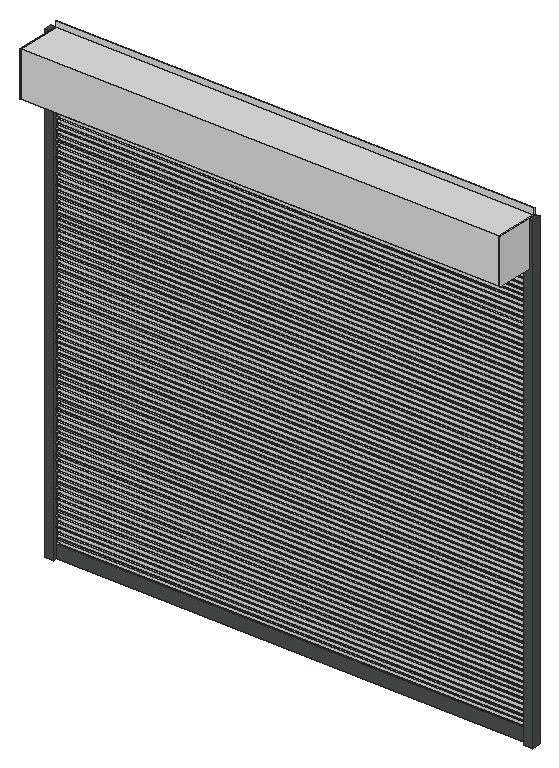
Revit family "Counter-Doors_OHD_Model-652_compact", category Specialty Equipment, host Wall, Revit 2023 (continued)
Definition of nested family "Motor"
  Forms (in)
    Extrusion 1, solid, material <- "Main Material", visible <- "Wall Mount"
      sketch origin (0, 0, 18.8898) x (1, 0, 0) y (0, 1, 0)
        loop
          line (-4.134, -2.41307) -> (4.116, -2.41307) -> (4.116, -2.29347) -> (3.108, -2.29347)
          arc (3.108, -2.29347) -> (3.02315, -2.25832) -> (2.988, -2.17347) r 0.12
          line (2.988, -2.17347) -> (2.988, 4.96193) -> (-2.988, 4.96193) -> (-2.988, -2.17347)
          arc (-2.988, -2.17347) -> (-3.02315, -2.25832) -> (-3.108, -2.29347) r 0.12
          line (-3.108, -2.29347) -> (-4.134, -2.29347) -> (-4.134, -2.41307)
      from -16.64 to 0
    Extrusion 2, solid, material <- "Main Material", visible <- "Wall Mount"
      sketch origin (0, 0, 18.8898) x (1, 0, 0) y (0, 1, 0)
        loop
          line (-4.134, -2.41307) -> (-4.134, -5.05565) -> (-4.3324, -5.05565) -> (-4.3324, -5.3122)
          arc (-4.3324, -5.3122) -> (-4.24466, -5.55085) -> (-4.02324, -5.67585) r 0.36846
          arc (-4.02324, -5.67585) -> (0, -6.0017) -> (4.02324, -5.67585) r 25
          arc (4.02324, -5.67585) -> (4.24466, -5.55085) -> (4.3324, -5.3122) r 0.36846
          line (4.3324, -5.3122) -> (4.3324, -5.05565) -> (4.116, -5.05565) -> (4.116, -2.41307) -> (-4.134, -2.41307)
      from -17 to 0.35839
    Revolve 3, solid, material <- "Main Material", visible <- "Wall Mount RSX"
      sketch origin (2.0828, 5.66524, 0) x (0, -1, 0) y (1, 0, 0)
        loop
          line (5.66524, -9.0813) -> (5.66524, 3.1162) -> (4.82413, 3.1162) -> (4.82413, 2.7162) -> (4.39283, 2.7162) -> (4.39283, 2.4872) -> (2.50257, 2.4872) -> (2.50257, -6.6585) -> (3.79863, -6.6585) -> (3.79863, -7.51105) -> (3.89778, -7.6102) -> (5.36033, -7.6102) -> (5.36033, -7.8313) -> (4.69783, -7.8313) -> (4.69783, -9.0813) -> (5.66524, -9.0813)
        axis (5.66524, -9.0813) -> (5.66524, 3.1162)
      angle from 0 to 360
    Extrusion 4, solid, material <- "Main Material", visible <- "Wall Mount"
      sketch origin (0, 0, 18.8898) x (1, 0, 0) y (0, 1, 0)
        loop
          line (-2.988, 5.08193) -> (-4.988, 5.08193) -> (-4.988, 4.96193) -> (-3.108, 4.96193) -> (-3.108, 1.46193) -> (-2.988, 1.46193) -> (-2.988, 5.08193)
        loop
          line (2.988, 5.08193) -> (2.988, 1.46193) -> (3.108, 1.46193) -> (3.108, 4.96193) -> (4.988, 4.96193) -> (4.988, 5.08193) -> (2.988, 5.08193)
      from -16.64 to 1.14
    Extrusion 5, solid, material <- "Main Material", visible <- "Wall Mount"
      sketch origin (0, 0.00141, 3.59957) x (0, 0, 1) y (0, -1, 0)
        loop
          circle (2.15043, 0.00141) r 3
      from 7.52 to 7.2495
    Sweep 6, solid, material <- "Main Material", visible <- "Wall Mount"
      path origin (7.38475, 9.53, 48) x (0, 1, 0) y (0, 0, 1)
        loop
          line (-12.53, -42.25) -> (-12.53, -128)
          arc (-12.53, -128) -> (-9.53, -131) -> (-6.53, -128) r 3
          line (-6.53, -128) -> (-6.53, -42.25)
      profile origin (7.38475, -3, -37.125) x (1, 0, 0) y (0, 1, 0)
        loop
          circle (0, 0.1) r 0.1
    Extrusion 7, solid, material <- "Main Material", visible <- "Wall Mount"
      sketch origin (0, 0.00141, 3.59957) x (0, 0, 1) y (0, -1, 0)
        loop
          circle (2.15043, 0.00141) r 0.4
      from 8.82 to 0
    Extrusion 8, solid, material <- "Hood Material", visible <- "CDX"
      sketch origin (2.988, 0, 5.75) x (0, -1, 0) y (1, 0, 0)
        loop
          line (12, -10.57168) -> (12, 2.55332) -> (-4.7, 2.55332) -> (-4.7, 0.0015) -> (2, 0.0015) -> (2, -10.57168) -> (12, -10.57168)
      from 4.88 to -4.88
    Extrusion 9, solid, material <- "Main Material", visible <- "Crank"
      sketch origin (2.9895, 5.75, 5.75) x (0, 0, -1) y (0, -1, 0)
        loop
          line (-1.66535, -2.15748) -> (1.66535, -2.15748)
          arc (1.66535, -2.15748) -> (2.01891, -2.01103) -> (2.16535, -1.65748) r 0.5
          line (2.16535, -1.65748) -> (2.16535, 0.00787)
          arc (2.16535, 0.00787) -> (1.99476, 0.85032) -> (1.50984, 1.56001) r 2.16535
          line (1.50984, 1.56001) -> (1.50984, 2.29685)
          arc (1.50984, 2.29685) -> (1.43662, 2.47363) -> (1.25984, 2.54685) r 0.25
          line (1.25984, 2.54685) -> (0.24999, 3.12987)
          arc (0.24999, 3.12987) -> (0, 3.19685) -> (-0.24999, 3.12987) r 0.5
          line (-0.24999, 3.12987) -> (-1.25984, 2.54685)
          arc (-1.25984, 2.54685) -> (-1.43662, 2.47363) -> (-1.50984, 2.29685) r 0.25
          line (-1.50984, 2.29685) -> (-1.50984, 1.56001)
          arc (-1.50984, 1.56001) -> (-1.99476, 0.85032) -> (-2.16535, 0.00787) r 2.16535
          line (-2.16535, 0.00787) -> (-2.16535, -1.65748)
          arc (-2.16535, -1.65748) -> (-2.01891, -2.01103) -> (-1.66535, -2.15748) r 0.5
      from 0 to -0.5
    Extrusion 10, solid, material <- "Main Material", visible <- "Crank"
      sketch origin (2.9895, 5.75, 5.75) x (0, 0, -1) y (0, -1, 0)
        loop
          line (1.50984, 1.56001) -> (1.50984, 2.29685)
          arc (1.50984, 2.29685) -> (1.43662, 2.47363) -> (1.25984, 2.54685) r 0.25
          line (1.25984, 2.54685) -> (-1.25984, 2.54685)
          arc (-1.25984, 2.54685) -> (-1.43662, 2.47363) -> (-1.50984, 2.29685) r 0.25
          line (-1.50984, 2.29685) -> (-1.50984, 1.56001)
          arc (-1.50984, 1.56001) -> (0, -2.15748) -> (1.50984, 1.56001) r 2.16535
      from 0 to -2
    Extrusion 11, solid, material <- "Main Material", visible <- "Crank"
      sketch origin (2.9895, 4.76161, 5.75) x (0, 1, 0) y (-1, 0, 0)
        loop
          circle (-0.94004, -1.01792) r 0.24
      from 1.5 to -10.5
    Extrusion 12, solid, material <- "Main Material", visible <- "Crank"
      sketch origin (2.9895, 5.75, 5.75) x (0, 1, 0) y (0, 0, -1)
        loop
          line (-2.04434, 10.46875) -> (-1.81142, 10.46875)
          arc (-1.81142, 10.46875) -> (-1.63464, 10.54197) -> (-1.56142, 10.71875) r 0.25
          line (-1.56142, 10.71875) -> (-1.56142, 11.53125)
          arc (-1.56142, 11.53125) -> (-1.63464, 11.70803) -> (-1.81142, 11.78125) r 0.25
          line (-1.81142, 11.78125) -> (-2.04434, 11.78125)
          arc (-2.04434, 11.78125) -> (-2.22112, 11.70803) -> (-2.29434, 11.53125) r 0.25
          line (-2.29434, 11.53125) -> (-2.29434, 10.71875)
          arc (-2.29434, 10.71875) -> (-2.22112, 10.54197) -> (-2.04434, 10.46875) r 0.25
      from -1.26284 to -0.77978
    Extrusion 13, solid, not visible
      sketch origin (2.9895, -24.70572, 48) x (0, -1, 0) y (0, 0, 1)
        loop
          circle (-30.45572, -42.25) r 0.5
      from 0.5 to 0 <- "Connector MP"
  Cuts and joins
    joined: Extrusion 9, Extrusion 10, Extrusion 11
  Lines and regions (in)
    Masking region 1, visible <- "CDX"
      outline origin (0, 0, 0) x (1, 0, 0) y (0, 1, 0)
        loop
          line (-7.58368, -2) -> (-7.58368, -12) -> (5.54132, -12) -> (5.54132, 4.7) -> (2.9895, 4.7) -> (2.9895, -2) -> (-7.58368, -2)
    Masking region 2, visible <- "Crank"
      outline origin (2.9895, 5.75, 5.75) x (0, 1, 0) y (-1, 0, 0)
        loop
          line (2.15748, 0) -> (-3.1963, 0) -> (-3.1963, -0.5) -> (-2.54685, -0.5) -> (-2.54685, -2) -> (2.15748, -2) -> (2.15748, 0)
    reference lines
      curve 1: line (0, 0, 0) -> (0, 0, 18.8898)
      curve 2: line (2.9895, 5.75, 5.75) -> (2.9895, 6.5, 5.75)
    symbolic lines, visible <- "Crank"
      curve 3: line (2.9895, 4.18999, 5.75) -> (4.9895, 4.18999, 5.75)
      curve 4: line (2.9895, 3.20315, 5.75) -> (3.4895, 3.20315, 5.75)
  Dimensions and locks (in)
    Extrusion 4 sketch curve to Extrusion 4 sketch curve = 3.62"
    locked: Extrusion 4 sketch curve to Extrusion 4 sketch curve at 0.12  (x3)
    "Chain H Offset": plane 4 to plane 5
    locked: plane 7 to plane 6 at 30
    locked: Sweep 6 sketch curve to profile plane at 0
    locked: profile plane to Sweep 6 sketch curve at 0.1
    locked: Sweep 6 sketch curve to Sweep 6 sketch curve at 6
    "Floor To Cl Shaft": plane 8 to plane 6
    "Horizontal Mount": plane 1 "Center (Front/Back)" to plane 11
    "Top Option Offset": level to plane 12
    "Chain V Offset": plane 9 "Chain Hoist" to plane 12
    equal spacing: Sweep 6 sketch curve, plane 5, Sweep 6 sketch curve
    "Vertical Mount": plane 10 "Top Of Hood" to plane 12
    locked: Extrusion 2 sketch curve to Extrusion 2 sketch curve at 8.25
    locked: Extrusion 2 sketch curve to Extrusion 2 sketch curve at 2.64258
    locked: plane 3 "Center (Left/Right)" to plane 14 at 7.2495
    "Hood Mount": plane 13 "Hood Face" to plane 14
    "Hood Width Real": plane 11 to plane 15
    "Real Exterior Wall Offset": plane 15 to plane 16 "Wall"
    Revolve 3 sketch curve to Revolve 3 sketch curve to Revolve 3 sketch curve to Revolve 3 sketch curve to Revolve 3 sketch curve to Revolve 3 sketch curve to Revolve 3 sketch curve = 1 1/4" locked, 0.2211" locked, 0.9517" locked, 9.1457" locked, 0.229" locked, 0.4" locked
    Revolve 3 sketch curve to Revolve 3 sketch curve to Revolve 3 sketch curve to Revolve 3 sketch curve to Revolve 3 sketch curve to Revolve 3 sketch curve to Revolve 3 sketch curve to Revolve 3 sketch curve = 0.30491" locked, 0.53619" locked, 0.12631" locked, 0.305" locked, 0.49505" locked, 0.09915" locked, 1.29606" locked
    locked: Extrusion 1 sketch curve to Extrusion 1 sketch curve at 0.1196
    locked: Extrusion 1 sketch curve to Extrusion 1 sketch curve at 5.976
    equal spacing: Extrusion 1 sketch curve, curve 1, Extrusion 1 sketch curve
    locked: curve 1 to Extrusion 1 sketch curve at 2.41307
    locked: Extrusion 1 sketch curve to Extrusion 1 sketch curve at 7.375
    equal spacing: Extrusion 4 sketch curve, curve 1, Extrusion 4 sketch curve
    locked: Extrusion 4 sketch curve to curve 1 at 1.46193
    locked: Revolve 3 sketch curve to plane 3 "Center (Left/Right)" at 4.5757
    locked: Extrusion 4 sketch curve to Extrusion 4 sketch curve at 5.976
    locked: Extrusion 4 sketch curve to Extrusion 4 sketch curve at 2
    locked: Extrusion 4 sketch curve to Extrusion 4 sketch curve at 1.88
    locked: Extrusion 1 sketch curve to Extrusion 1 sketch curve at 1.128
    locked: Extrusion 1 sketch curve to Extrusion 1 sketch curve at 1.146
    locked: curve 1 to Extrusion 2 sketch curve at 2.41307
    locked: Extrusion 8 sketch curve to Extrusion 8 sketch curve at 13.125
    locked: Extrusion 8 sketch curve to Extrusion 8 sketch curve at 2.55182
    locked: Extrusion 8 sketch curve to Extrusion 8 sketch curve at 16.7
    locked: Extrusion 8 sketch curve to curve 1 at 2
    locked: Extrusion 8 sketch curve to Extrusion 8 sketch curve at 10
    equal spacing: plane 1 "Center (Front/Back)", plane 17, plane 15
    "Hood Height": plane 10 "Top Of Hood" to plane 18
    equal spacing: plane 10 "Top Of Hood", plane 19, plane 18
    locked: curve 2 to curve 2 at 0.75
    "Connector VP": plane 10 "Top Of Hood" to Extrusion 13 sketch curve
    "Connector HP": Extrusion 13 sketch curve to plane 16 "Wall"
    radius of Extrusion 5 sketch curve = 3"
    radius of Sweep 6 sketch curve = 3"
    radius of Sweep 6 sketch curve = 0.1"
    radius of Extrusion 7 sketch curve = 0.4"
    radius of Extrusion 2 sketch curve = 0.36846"  (x2)
    radius of Extrusion 1 sketch curve = 0.12"  (x2)
    radius of Extrusion 2 sketch curve = 25"
    "Angle": angle curve 1 to plane 1 "Center (Front/Back)"
    angle Extrusion 2 sketch curve to Extrusion 2 sketch curve = 90.00°
    locked: Extrusion 2 sketch curve to Extrusion 2 sketch curve (angle 90.00°)
    aligned and locked: plane 2 to level
    aligned and locked: Revolve 3 sketch curve to Revolve 3 sketch curve
    aligned and locked: plane 1 "Center (Front/Back)" to curve 1
    aligned and locked: level to curve 1
    aligned and locked: plane 1 "Center (Front/Back)" to plane 4
    aligned and locked: Extrusion 4 sketch curve to Extrusion 4 sketch curve  (x3)
    aligned and locked: plane 7 to Sweep 6 sketch curve  (x2)
    aligned and locked: plane 8 to Sweep 6 sketch curve  (x2)
    aligned and locked: plane 5 to Extrusion 5 sketch curve
    aligned and locked: plane 9 "Chain Hoist" to Extrusion 5 sketch curve
    aligned and locked: plane 5 to Extrusion 7 sketch curve
    aligned and locked: plane 9 "Chain Hoist" to Extrusion 7 sketch curve
    aligned and locked: plane 8 to plane 9 "Chain Hoist"
    aligned and locked: Extrusion 2 sketch curve to Extrusion 2 sketch curve
    aligned and locked: Extrusion 1 sketch curve to Extrusion 1 sketch curve
    aligned and locked: plane 4 to nested 1
    aligned and locked: plane 3 "Center (Left/Right)" to nested 1
    aligned and locked: Masking region 1 sketch curve to Extrusion 8  (x6)
    aligned and locked: Extrusion 8 sketch curve to plane 13 "Hood Face"
    aligned and locked: plane 17 to curve 2
    aligned and locked: curve 2 to plane 19
  Automatic sketch dimensions
    plane 1 "Center (Front/Back)" to Revolve 3 sketch curve = 0"
    Revolve 3 sketch curve to Revolve 3 sketch curve = 0.09915"
    Revolve 3 sketch curve to Revolve 3 sketch curve = 4.7892"
    Revolve 3 sketch curve to plane 14 = 1.9628"
    Extrusion 2 sketch curve to plane 3 "Center (Left/Right)" = 0"
    Extrusion 2 sketch curve to Extrusion 2 sketch curve = 0.1984"
    Extrusion 2 sketch curve to Extrusion 2 sketch curve = 0.15206"
    Extrusion 2 sketch curve to Extrusion 2 sketch curve = 0.25654"
    Extrusion 2 sketch curve to Extrusion 2 sketch curve = 0"  (x2)
    Extrusion 2 sketch curve to Extrusion 2 sketch curve = 0.0593"
    Extrusion 9 sketch curve to Extrusion 9 sketch curve = 0"  (x2)
    curve 2 to Extrusion 9 sketch curve = 0"  (x2)
    curve 2 to Extrusion 9 sketch curve = 1/4"
    Extrusion 9 sketch curve to Extrusion 9 sketch curve = 1.00985"  (x2)
    Extrusion 9 sketch curve to Extrusion 9 sketch curve = 1/4"  (x2)
    Extrusion 9 sketch curve to curve 2 = 1.66535"
    Extrusion 9 sketch curve to Extrusion 9 sketch curve = 1/2"
    Extrusion 9 sketch curve to curve 2 = 1/4"
    curve 2 to Extrusion 9 sketch curve = 1.66535"
    curve 2 to Extrusion 9 sketch curve = 2.16535"
    Extrusion 9 sketch curve to curve 2 = 1.40748"
    curve 2 to Extrusion 9 sketch curve = 0.00787"
    Extrusion 9 sketch curve to Extrusion 9 sketch curve = 0.73684"  (x2)
    Extrusion 9 sketch curve to Extrusion 9 sketch curve = 0.15"
    Extrusion 9 sketch curve to Extrusion 9 sketch curve = 0.43302"
    curve 2 to Extrusion 10 sketch curve = 0"
    curve 2 to Extrusion 10 sketch curve = 1.25984"
    Extrusion 10 sketch curve to Extrusion 10 sketch curve = 1/4"  (x2)
    Extrusion 10 sketch curve to curve 2 = 1.25984"
    curve 2 to Extrusion 10 sketch curve = 0.00787"
    curve 2 to Extrusion 10 sketch curve = 1.56001"
    Extrusion 10 sketch curve to Extrusion 10 sketch curve = 0.73684"
    Extrusion 10 sketch curve to Extrusion 10 sketch curve = 0"
    Extrusion 11 sketch curve to curve 2 = 1.92843"
    Extrusion 11 sketch curve to curve 2 = 1.01792"
    Extrusion 12 sketch curve to curve 2 = 2.29434"
    Extrusion 12 sketch curve to Extrusion 12 sketch curve = 1/4"  (x3)
    Extrusion 12 sketch curve to Extrusion 12 sketch curve = 0.23293"  (x2)
    curve 2 to Extrusion 12 sketch curve = 10 15/32"
    Extrusion 12 sketch curve to Extrusion 12 sketch curve = 13/16"
    Masking region 2 sketch curve to curve 2 = 0"
    Masking region 2 sketch curve to curve 2 = 2.54685"
    curve 2 to Masking region 2 sketch curve = 1.40748"
    curve 2 to Masking region 2 sketch curve = 1/2"
    Masking region 2 sketch curve to Masking region 2 sketch curve = 0.64945"
    Masking region 2 sketch curve to Masking region 2 sketch curve = 1 1/2"
    curve 4 to curve 2 = 0"
    curve 3 to curve 2 = 0"
    curve 4 to curve 2 = 2.54685"
    curve 3 to curve 2 = 1.56001"
    curve 2 to curve 4 = 1/2"
    curve 3 to curve 2 = 2"
    radius of Extrusion 11 sketch curve = 0.24"
    radius of Extrusion 13 sketch curve = 1/2"
  Nested families (in)
    nested 1: "2D_NotScalableMain_29e791da-3db9-4234-ab15-44456784202b" at (0, 0, 0), type "Default"
      with Wall Mount RMX no, Wall Mount no
  Definition of nested family "2D_NotScalableMain_29e791da-3db9-4234-ab15-44456784202b"
    Parameters (values of type "Default")
      Wall Mount RMX = yes
      Wall Mount RSX = no
      Wall Mount = yes
    Reference planes (in)
      plane 1 "Center (Front/Back)": y = 0
      plane 2: z = 0
      plane 3 "Center (Left/Right)": x = 0
    Lines and regions (in)
      Masking region 1, in view "Ref. Level", visible <- "Wall Mount RSX"
        outline origin (0, 0, 0) x (1, 0, 0) y (0, 1, 0)
          loop
            line (-6.9985, -0.96741) -> (-5.7485, -0.96741) -> (-5.7485, -0.30491) -> (-5.5274, -0.30491) -> (-5.5274, -1.76746) -> (-5.42825, -1.86661) -> (-4.5757, -1.86661) -> (-4.5757, -3.22517) -> (-4.134, -3.22517) -> (-4.134, -5.05565) -> (-4.3324, -5.05565) -> (-4.3324, -5.3122)
            arc (-4.3324, -5.3122) -> (-4.24466, -5.55085) -> (-4.02324, -5.67585) r 0.36846
            arc (-4.02324, -5.67585) -> (0, -6.0017) -> (4.02324, -5.67585) r 25
            arc (4.02324, -5.67585) -> (4.24466, -5.55085) -> (4.3324, -5.3122) r 0.36846
            line (4.3324, -5.3122) -> (4.3324, -5.05565) -> (4.116, -5.05565) -> (4.116, -3.22517) -> (4.57, -3.22517) -> (4.57, -1.27241) -> (4.799, -1.27241) -> (4.799, -0.84111) -> (5.199, -0.84111) -> (5.199, 0.77483) -> (7.2495, 0.77483) -> (7.2495, -1.81) -> (7.52, -1.81) -> (7.52, 0.79) -> (8.82, 0.79) -> (8.82, 1.59) -> (7.52, 1.59) -> (7.52, 4.19) -> (7.2495, 4.19) -> (7.2495, 1.59) -> (4.57, 1.59) -> (4.57, 3.22517) -> (3.108, 3.22517) -> (3.108, 4.96193) -> (4.988, 4.96193) -> (4.988, 5.08193) -> (2.988, 5.08193) -> (2.988, 4.96193) -> (-2.988, 4.96193) -> (-2.988, 5.08193) -> (-4.988, 5.08193) -> (-4.988, 4.96193) -> (-3.108, 4.96193) -> (-3.108, 3.22517) -> (-4.5757, 3.22517) -> (-4.5757, 1.86661) -> (-5.42825, 1.86661) -> (-5.5274, 1.76746) -> (-5.5274, 0.30491) -> (-5.7485, 0.30491) -> (-5.7485, 0.96741) -> (-6.9985, 0.96741) -> (-6.9985, -0.96741)
      Masking region 2, in view "Ref. Level", visible <- "Wall Mount"
        outline origin (0, 0, 0) x (1, 0, 0) y (0, 1, 0)
          loop
            line (-4.988, 4.96193) -> (-3.108, 4.96193) -> (-3.108, 1.46193) -> (-2.988, 1.46193) -> (-2.988, 5.08193) -> (-4.988, 5.08193) -> (-4.988, 4.96193)
          loop
            line (2.988, 1.46193) -> (3.108, 1.46193) -> (3.108, 4.96193) -> (4.988, 4.96193) -> (4.988, 5.08193) -> (2.988, 5.08193) -> (2.988, 1.46193)
      Masking region 3, in view "Ref. Level", visible <- "Wall Mount RMX"
        outline origin (0, 0, 0) x (1, 0, 0) y (0, 1, 0)
          loop
            line (-2.988, 4.96193) -> (-2.988, -2.17347)
            arc (-2.988, -2.17347) -> (-3.02315, -2.25832) -> (-3.108, -2.29347) r 0.12
            line (-3.108, -2.29347) -> (-4.134, -2.29347) -> (-4.134, -5.05565) -> (-4.3324, -5.05565) -> (-4.3324, -5.3122)
            arc (-4.3324, -5.3122) -> (-4.24466, -5.55085) -> (-4.02324, -5.67585) r 0.36846
            arc (-4.02324, -5.67585) -> (0, -6.0017) -> (4.02324, -5.67585) r 25
            arc (4.02324, -5.67585) -> (4.24466, -5.55085) -> (4.3324, -5.3122) r 0.36846
            line (4.3324, -5.3122) -> (4.3324, -5.05565) -> (4.116, -5.05565) -> (4.116, -2.29347) -> (3.108, -2.29347)
            arc (3.108, -2.29347) -> (3.02315, -2.25832) -> (2.988, -2.17347) r 0.12
            line (2.988, -2.17347) -> (2.988, 0.77483) -> (7.2495, 0.77483) -> (7.2495, -1.81) -> (7.52, -1.81) -> (7.52, 0.79) -> (8.82, 0.79) -> (8.82, 1.59) -> (7.52, 1.59) -> (7.52, 4.19) -> (7.2495, 4.19) -> (7.2495, 1.59) -> (3.108, 1.59) -> (3.108, 1.46193) -> (2.988, 1.46193) -> (2.988, 4.96193) -> (-2.988, 4.96193)
      reference lines, in view "Ref. Level"
        curve 1: line (0, 0, 0) -> (0, 0.125, 0)
        curve 2: line (0, 0, 0) -> (0.125, 0, 0)
      detail lines, in view "Ref. Level", visible <- "Wall Mount"
        curve 3: line (7.2495, 4.19, 0) -> (7.2495, -1.81, 0)
        curve 4: line (7.52, 4.19, 0) -> (7.52, -1.81, 0)
        curve 5: line (-4.134, -2.29347, 0) -> (-4.134, -5.05565, 0)
        curve 6: line (4.116, -2.29347, 0) -> (4.116, -5.05565, 0)
        curve 7: line (-4.134, -2.41307, 0) -> (4.116, -2.41307, 0)
        curve 8: line (4.116, -2.29347, 0) -> (3.108, -2.29347, 0)
        curve 9: line (2.988, -2.17347, 0) -> (2.988, 4.96193, 0)
        curve 10: line (2.988, 4.96193, 0) -> (-2.988, 4.96193, 0)
        curve 11: line (-2.988, 4.96193, 0) -> (-2.988, -2.17347, 0)
        curve 12: arc (-2.988, -2.17347, 0) -> (-3.02315, -2.25832, 0) -> (-3.108, -2.29347, 0) r 0.12
        curve 13: arc (3.108, -2.29347, 0) -> (3.02315, -2.25832, 0) -> (2.988, -2.17347, 0) r 0.12
        curve 21: line (-4.134, -2.29347, 0) -> (-3.108, -2.29347, 0)
      detail lines, in view "Ref. Level", not visible
        curve 14: line (4.57, -3.22517, 0) -> (4.57, 0.77483, 0)
        curve 15: line (4.799, -1.27241, 0) -> (4.799, 0.77483, 0)
      detail lines, in view "Ref. Level", visible <- "Wall Mount RSX"
        curve 16: line (5.199, -0.84111, 0) -> (5.199, 0.77483, 0)
        curve 17: line (-4.5757, -3.22517, 0) -> (-4.5757, 3.22517, 0)
        curve 18: line (-5.42825, -1.86661, 0) -> (-5.42825, 1.86661, 0)
        curve 19: line (-5.5274, 1.76746, 0) -> (-5.5274, -1.76746, 0)
        curve 20: line (-5.7485, -0.96741, 0) -> (-5.7485, 0.96741, 0)
        curve 22: line (5.199, 0.77483, 0) -> (2.988, 0.77483, 0)
        curve 23: line (4.57, 1.59, 0) -> (3.108, 1.59, 0)
        curve 24: line (-4.5757, -3.22517, 0) -> (-4.5757, 3.22517, 0)
        curve 25: line (-5.42825, 1.86661, 0) -> (-5.42825, -1.86661, 0)
        curve 26: line (-5.5274, 1.76746, 0) -> (-5.5274, -1.76746, 0)
        curve 27: line (-5.7485, -0.96741, 0) -> (-5.7485, 0.96741, 0)
        curve 28: line (4.57, 3.22517, 0) -> (4.57, 1.59, 0)
        curve 29: line (4.799, 0.77483, 0) -> (4.799, -1.22759, 0)
    Dimensions and locks (in)
      curve 1 to curve 1 = 1/8"
      curve 2 to curve 2 = 1/8"
      aligned and locked: plane 1 "Center (Front/Back)" to curve 1
      aligned and locked: plane 3 "Center (Left/Right)" to curve 1
      aligned and locked: plane 1 "Center (Front/Back)" to curve 2
Definition of nested family "Label Annotation 1"
  Parameters (values of type "Label Annotation 1-8")
    Label = "Area is too big. Please reduce Door Size."
  Reference planes (in)
    plane 1: y = 0
    plane 2: x = 0
  Text (in)
    label "Label" at (0.00375, -0.00345, 0), shows "Label"
Definition of nested family "Warning Sign"
  Parameters (values of type "Warning Sign")
    Warning Sign [instance] = no
    Default Elevation = 48"
  Reference planes (in)
    plane 1 "Center (Front/Back)": y = 0
    plane 2: z = 0
    plane 3 "Center (Left/Right)": x = 0
    plane 4: y = 0.5
    plane 5: y = -0.5
    plane 6: y = 1
    plane 7: y = 0.25
  Lines and regions (in)
    model lines
      curve 1: line (-2.26129, 1, 45.69444) -> (-26.3817, 1, 3.91667)
      curve 2: line (-25.25106, 1, 3.26389) -> (-1.13064, 1, 45.04167)
      curve 3: arc (2.26129, 1, 45.69444) -> (0, 1, 47) -> (-2.26129, 1, 45.69444) r 2.61111
      curve 4: arc (-1.13064, 1, 45.04167) -> (0, 1, 45.69444) -> (1.13064, 1, 45.04167) r 1.30556
      curve 5: line (1.13064, 1, 45.04167) -> (25.25106, 1, 3.26389)
      curve 6: line (26.3817, 1, 3.91667) -> (2.26129, 1, 45.69444)
      curve 7: arc (25.25106, 1, 3.26389) -> (25.25106, 1, 1.95833) -> (24.12041, 1, 1.30556) r 1.30556
      curve 8: arc (24.12041, 1, 0) -> (26.3817, 1, 1.30556) -> (26.3817, 1, 3.91667) r 2.61111
      curve 9: line (24.12041, 1, 1.30556) -> (-24.12041, 1, 1.30556)
      curve 10: line (-24.12041, 1, 0) -> (24.12041, 1, 0)
      curve 11: arc (-24.12041, 1, 1.30556) -> (-25.25106, 1, 1.95833) -> (-25.25106, 1, 3.26389) r 1.30556
      curve 12: arc (-26.3817, 1, 3.91667) -> (-26.3817, 1, 1.30556) -> (-24.12041, 1, 0) r 2.61111
      curve 13: arc (-2.29479, 1, 8.63537) -> (0, 1, 6.34057) -> (2.29479, 1, 8.63537) r 2.29479
      curve 14: arc (2.29479, 1, 8.63537) -> (0, 1, 10.93016) -> (-2.29479, 1, 8.63537) r 2.29479
      curve 15: arc (-1.6331, 1, 13.97069) -> (0.03439, 1, 12.53727) -> (1.69278, 1, 13.98121) r 1.68043
      curve 16: line (-3.77413, 1, 28.37873) -> (-1.6331, 1, 13.97069)
      curve 17: line (1.69278, 1, 13.98121) -> (3.73924, 1, 28.37873)
      curve 18: arc (3.73924, 1, 28.37873) -> (-0.01745, 1, 32.13541) -> (-3.77413, 1, 28.37873) r 3.75668
      curve 19: line (-2.26129, -0.5, 45.69444) -> (-26.3817, -0.5, 3.91667)
      curve 20: line (-25.25106, -0.5, 3.26389) -> (-1.13064, -0.5, 45.04167)
      curve 21: arc (2.26129, -0.5, 45.69444) -> (0, -0.5, 47) -> (-2.26129, -0.5, 45.69444) r 2.61111
      curve 22: arc (-1.13064, -0.5, 45.04167) -> (0, -0.5, 45.69444) -> (1.13064, -0.5, 45.04167) r 1.30556
      curve 23: line (1.13064, -0.5, 45.04167) -> (25.25106, -0.5, 3.26389)
      curve 24: line (26.3817, -0.5, 3.91667) -> (2.26129, -0.5, 45.69444)
      curve 25: arc (25.25106, -0.5, 3.26389) -> (25.25106, -0.5, 1.95833) -> (24.12041, -0.5, 1.30556) r 1.30556
      curve 26: arc (24.12041, -0.5, 0) -> (26.3817, -0.5, 1.30556) -> (26.3817, -0.5, 3.91667) r 2.61111
      curve 27: line (24.12041, -0.5, 1.30556) -> (-24.12041, -0.5, 1.30556)
      curve 28: line (-24.12041, -0.5, 0) -> (24.12041, -0.5, 0)
      curve 29: arc (-24.12041, -0.5, 1.30556) -> (-25.25106, -0.5, 1.95833) -> (-25.25106, -0.5, 3.26389) r 1.30556
      curve 30: arc (-26.3817, -0.5, 3.91667) -> (-26.3817, -0.5, 1.30556) -> (-24.12041, -0.5, 0) r 2.61111
      curve 31: arc (-2.29479, -0.5, 8.63537) -> (0, -0.5, 6.34057) -> (2.29479, -0.5, 8.63537) r 2.29479
      curve 32: arc (2.29479, -0.5, 8.63537) -> (0, -0.5, 10.93016) -> (-2.29479, -0.5, 8.63537) r 2.29479
      curve 33: arc (-1.6331, -0.5, 13.97069) -> (0.03439, -0.5, 12.53727) -> (1.69278, -0.5, 13.98121) r 1.68043
      curve 34: line (-3.77413, -0.5, 28.37873) -> (-1.6331, -0.5, 13.97069)
      curve 35: line (1.69278, -0.5, 13.98121) -> (3.73924, -0.5, 28.37873)
      curve 36: arc (3.73924, -0.5, 28.37873) -> (-0.01745, -0.5, 32.13541) -> (-3.77413, -0.5, 28.37873) r 3.75668
  Dimensions and locks (in)
    locked: plane 1 "Center (Front/Back)" to plane 4 at 0.5
    equal spacing: plane 1 "Center (Front/Back)", plane 7, plane 4
    locked: plane 4 to plane 6 at 0.5
    locked: plane 5 to plane 1 "Center (Front/Back)" at 0.5
    aligned and locked: plane 2 to level
  Automatic sketch dimensions
    curve 21 to curve 22 = 0"  (x2)
    curve 25 to curve 26 = 0"  (x2)
    curve 29 to curve 30 = 0"  (x2)
    curve 31 to curve 32 = 0"  (x2)
    curve 21 to plane 3 "Center (Left/Right)" = 0"
    curve 31 to plane 3 "Center (Left/Right)" = 0"
    curve 30 to level = 0"
    level to curve 27 = 1.30556"
    curve 26 to curve 27 = 1.30556"
    curve 29 to curve 27 = 1.30556"
    curve 23 to curve 25 = 0.65278"
    curve 20 to curve 29 = 0.65278"
    curve 24 to curve 23 = 0.65278"
    curve 19 to curve 20 = 0.65278"
    level to curve 32 = 8.63537"
    curve 34 to plane 3 "Center (Left/Right)" = 1.6331"
    curve 34 to curve 31 = 5.33532"
    plane 3 "Center (Left/Right)" to curve 35 = 1.69278"
    curve 35 to curve 34 = 0.01052"
    plane 3 "Center (Left/Right)" to curve 33 = 0.02908"
    curve 36 to plane 3 "Center (Left/Right)" = 0.01745"
    curve 36 to curve 33 = 14.16104"
    curve 22 to curve 36 = 16.01016"
    plane 3 "Center (Left/Right)" to curve 23 = 1.13064"
    curve 23 to curve 21 = 0.65278"
    curve 20 to plane 3 "Center (Left/Right)" = 1.13064"
    plane 3 "Center (Left/Right)" to curve 24 = 2.26129"
    curve 24 to curve 22 = 0.65278"
    curve 19 to plane 3 "Center (Left/Right)" = 2.26129"
    curve 34 to curve 36 = 3.75668"
    curve 30 to plane 3 "Center (Left/Right)" = 24.12041"
    plane 3 "Center (Left/Right)" to curve 25 = 24.12041"
    curve 31 to curve 31 = 2.29479"
    curve 3 to curve 4 = 0"  (x2)
    curve 7 to curve 8 = 0"  (x2)
    curve 11 to curve 12 = 0"  (x2)
    curve 13 to curve 14 = 0"  (x2)
    curve 3 to plane 3 "Center (Left/Right)" = 0"
    curve 13 to plane 3 "Center (Left/Right)" = 0"
    curve 12 to level = 0"
    level to curve 9 = 1.30556"
    curve 8 to curve 9 = 1.30556"
    curve 11 to curve 9 = 1.30556"
    curve 5 to curve 7 = 0.65278"
    curve 2 to curve 11 = 0.65278"
    curve 6 to curve 5 = 0.65278"
    curve 1 to curve 2 = 0.65278"
    level to curve 14 = 8.63537"
    curve 16 to plane 3 "Center (Left/Right)" = 1.6331"
    curve 16 to curve 13 = 5.33532"
    plane 3 "Center (Left/Right)" to curve 17 = 1.69278"
    curve 17 to curve 16 = 0.01052"
    plane 3 "Center (Left/Right)" to curve 15 = 0.02908"
    curve 18 to plane 3 "Center (Left/Right)" = 0.01745"
    curve 18 to curve 15 = 14.16104"
    curve 4 to curve 18 = 16.01016"
    plane 3 "Center (Left/Right)" to curve 5 = 1.13064"
    curve 5 to curve 3 = 0.65278"
    curve 2 to plane 3 "Center (Left/Right)" = 1.13064"
    plane 3 "Center (Left/Right)" to curve 6 = 2.26129"
    curve 6 to curve 4 = 0.65278"
    curve 1 to plane 3 "Center (Left/Right)" = 2.26129"
    curve 16 to curve 18 = 3.75668"
    curve 12 to plane 3 "Center (Left/Right)" = 24.12041"
    plane 3 "Center (Left/Right)" to curve 7 = 24.12041"
    curve 13 to curve 13 = 2.29479"
Types (9): name | Voltage | Operator Visibility | Number of Poles | Frequency | Electric Operator | Crank | Manual | Current | Connector Array | Apparent Load Phase 3 | Apparent Load Phase 2 | Apparent Load Phase 1
  115 volts, one phase, 60 Hz (110-120V range) | 115 V | yes | 1 | 60 Hz | yes | no | no | 20 A | 3 | 0 VA | 0 VA | 2300 VA
  ‏​Manual push-up | 0 V | no | 1 | 0 Hz | no | no | yes | 0 A | 2 | 0 VA | 0 VA | 0 VA
  230 volts, three phase, 60 Hz (208-245V range) | 230 V | yes | 3 | 60 Hz | yes | no | no | 20 A | 3 | 2655.81 VA | 2655.81 VA | 2655.81 VA
  230 volts, one phase, 60 Hz (208-245V range) | 230 V | yes | 1 | 60 Hz | yes | no | no | 20 A | 3 | 0 VA | 0 VA | 4600 VA
  460 volts, three phase, 60 Hz (456-495V range) | 460 V | yes | 3 | 60 Hz | yes | no | no | 20 A | 3 | 5311.62 VA | 5311.62 VA | 5311.62 VA
  208 volts, one phase, 60 Hz (190-207V range) | 208 V | yes | 1 | 60 Hz | yes | no | no | 20 A | 3 | 0 VA | 0 VA | 4160 VA
  208 volts, three phase, 60 Hz (190-207V range) | 208 V | yes | 3 | 60 Hz | yes | no | no | 20 A | 3 | 2401.78 VA | 2401.78 VA | 2401.78 VA
  575 volts, three phase, 60 Hz | 575 V | yes | 3 | 60 Hz | yes | no | no | 20 A | 3 | 6639.53 VA | 6639.53 VA | 6639.53 VA
  Manual crank | 0 V | yes | 1 | 0 Hz | no | yes | no | 0 A | 3 | 0 VA | 0 VA | 0 VA
